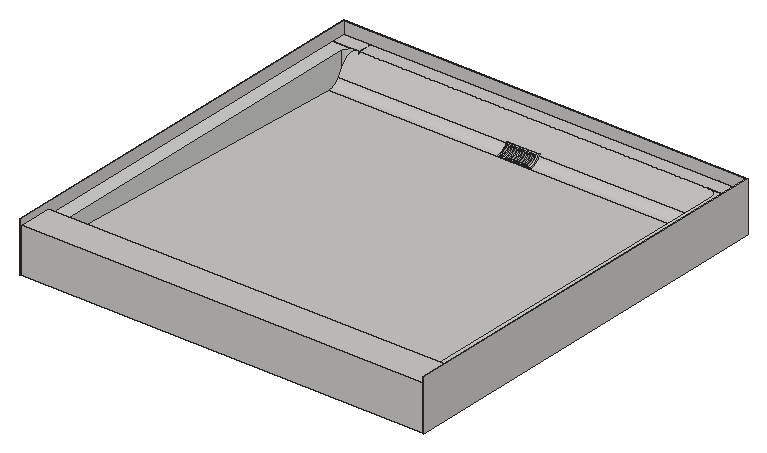
Revit family "Shower_Base-Acorn-Terrazzo_Ware-SBBOD-36-FF", category Plumbing Fixtures, host Face, Revit 2019
Family settings
  Host = Face
  Round Connector Dimension = Use Diameter
  Part Type = Normal
  OmniClass Number = 23.45.05.14.17
  OmniClass Title = Showers
  Cut with Voids When Loaded = No
  Shared = Yes
  Room Calculation Point = No
Parameters (values of type "SBBOD-36-FF")
  Working Pressure = "3,000 PSI min."  # constant formula
  Width = 36"
  Waste Connection Height = 1/2"
  Waste Connection Diameter = 2"
  Waste Connection = yes
  WFU = 4  # constant formula
  Vent Connection = no
  VRS - Vandal Resistant Strainer = no
  URL = "https://www.acorneng.com/home"
  Type Comments = ""
  Tiling Flange Material = Metal-Acorn-Stainless Steel
  Product Page URL = "https://www.acorneng.com/product.aspx?ProductId=1211"
  Product Documentation Link = "https://www.acorneng.com/uploads/fileLibrary/sbbod.pdf"
  OC - Optional Colors (contact factory) = no
  Model = "SBBOD-36-FF"
  Manufacturer = "Acorn Engineering"  # constant formula
  Length = 36"
  Installation Type = "Floor Mounted"  # constant formula
  Height = 4 1/2"
  HWFU = 3  # constant formula
  HW Connection = no
  Description = "36in. x 36in. Terrazzo Shower Base, Back Drain, 4-Flange"  # constant formula
  Default Elevation = 0"
  Creation Date = "11/18/2022"  # constant formula
  CWFU = 3  # constant formula
  CW Connection = no
  Body Material = Portland_Cement-Acorn-Terrazzo
  Assembly Code = "D2010710"
  ADA Compliant = yes
Reference planes (in)
  plane 1 "Center (Front/Back)": y = 0
  plane 2: z = 0
  plane 3 "Center (Left/Right)": x = 0
  plane 4: y = 18
  plane 5: y = -18
  plane 6: x = -18
  plane 7: x = 18
  plane 8: z = 4.5
  plane 9: z = 4
  plane 10: z = 3.5
  plane 11: z = 1.5
  plane 12: y = 16.625
  plane 13: y = -15.00499
  plane 14: x = -16.5
  plane 15: x = 16.5
Forms (in)
  Extrusion 1, solid, material "Metal-Acorn-Stainless Steel" <- "Tiling Flange Material"
    sketch origin (0, 0, 0) x (1, 0, 0) y (0, 1, 0)
      loop
        line (-17.89844, -18) -> (-17.89844, 17.89844) -> (17.89844, 17.89844) -> (17.89844, -18) -> (18, -18) -> (18, 18) -> (-18, 18) -> (-18, -18) -> (-17.89844, -18)
    from 0 to 4.5
  Extrusion 2, solid, material "Metal-Acorn-Stainless Steel" <- "Tiling Flange Material"
    sketch origin (0, 0, 0) x (0, 1, 0) y (0, 0, 1)
      loop
        line (-18, 0) -> (18, 0) -> (18, 3.5) -> (16.625, 3.5) -> (15.49642, 1.62021)
        arc (15.49642, 1.62021) -> (15.03735, 1.18192) -> (14.41888, 1.03936) r 1.19907
        line (14.41888, 1.03936) -> (-13.95762, 2.20692)
        arc (-13.95762, 2.20692) -> (-14.69726, 2.54049) -> (-15, 3.29327) r 1.08727
        line (-15, 3.29327) -> (-15, 4) -> (-18, 4) -> (-18, 0)
    from -17.89844 to 17.89844
  Extrusion 3, solid, material "Metal-Acorn-Stainless Steel" <- "Tiling Flange Material"
    sketch origin (0, 0.04249, -0.06202) x (0, 1, 0) y (0, 0, 1)
      loop
        line (15.58091, 1.76095) -> (15.46763, 1.81378)
        arc (15.46763, 1.81378) -> (15.03277, 1.32813) -> (14.40158, 1.16518) r 1.125
        line (14.40158, 1.16518) -> (14.40158, 1.04009)
        arc (14.40158, 1.04009) -> (15.09995, 1.22268) -> (15.58091, 1.76095) r 1.25
    from -1.43294 to 1.40937
  Extrusion 4, void
    sketch origin (0, 0, 0) x (1, 0, 0) y (0, 1, 0)
      loop
        arc (-1.28759, 14.57855) -> (-1.2175, 14.50846) -> (-1.1474, 14.57855) r 0.07009
        line (-1.1474, 14.57855) -> (-1.1474, 15.35913)
        arc (-1.1474, 15.35913) -> (-1.2175, 15.42922) -> (-1.28759, 15.35913) r 0.07009
        line (-1.28759, 15.35913) -> (-1.28759, 14.57855)
      loop
        arc (-1.04892, 14.57855) -> (-0.97883, 14.50846) -> (-0.90874, 14.57855) r 0.07009
        line (-0.90874, 14.57855) -> (-0.90874, 15.35913)
        arc (-0.90874, 15.35913) -> (-0.97883, 15.42922) -> (-1.04892, 15.35913) r 0.07009
        line (-1.04892, 15.35913) -> (-1.04892, 14.57855)
      loop
        arc (-0.81026, 14.57855) -> (-0.74017, 14.50846) -> (-0.67008, 14.57855) r 0.07009
        line (-0.67008, 14.57855) -> (-0.67008, 15.35913)
        arc (-0.67008, 15.35913) -> (-0.74017, 15.42922) -> (-0.81026, 15.35913) r 0.07009
        line (-0.81026, 15.35913) -> (-0.81026, 14.57855)
      loop
        arc (-0.5716, 14.57855) -> (-0.50151, 14.50846) -> (-0.43142, 14.57855) r 0.07009
        line (-0.43142, 14.57855) -> (-0.43142, 15.35913)
        arc (-0.43142, 15.35913) -> (-0.50151, 15.42922) -> (-0.5716, 15.35913) r 0.07009
        line (-0.5716, 15.35913) -> (-0.5716, 14.57855)
      loop
        arc (-0.33294, 14.57855) -> (-0.26284, 14.50846) -> (-0.19275, 14.57855) r 0.07009
        line (-0.19275, 14.57855) -> (-0.19275, 15.35913)
        arc (-0.19275, 15.35913) -> (-0.26284, 15.42922) -> (-0.33294, 15.35913) r 0.07009
        line (-0.33294, 15.35913) -> (-0.33294, 14.57855)
      loop
        arc (-0.09427, 14.57855) -> (-0.02418, 14.50846) -> (0.04591, 14.57855) r 0.07009
        line (0.04591, 14.57855) -> (0.04591, 15.35913)
        arc (0.04591, 15.35913) -> (-0.02418, 15.42922) -> (-0.09427, 15.35913) r 0.07009
        line (-0.09427, 15.35913) -> (-0.09427, 14.57855)
      loop
        arc (0.14439, 14.57855) -> (0.21448, 14.50846) -> (0.28457, 14.57855) r 0.07009
        line (0.28457, 14.57855) -> (0.28457, 15.35913)
        arc (0.28457, 15.35913) -> (0.21448, 15.42922) -> (0.14439, 15.35913) r 0.07009
        line (0.14439, 15.35913) -> (0.14439, 14.57855)
      loop
        arc (0.38305, 14.57855) -> (0.45314, 14.50846) -> (0.52323, 14.57855) r 0.07009
        line (0.52323, 14.57855) -> (0.52323, 15.35913)
        arc (0.52323, 15.35913) -> (0.45314, 15.42922) -> (0.38305, 15.35913) r 0.07009
        line (0.38305, 15.35913) -> (0.38305, 14.57855)
      loop
        arc (0.62171, 14.57855) -> (0.69181, 14.50846) -> (0.7619, 14.57855) r 0.07009
        line (0.7619, 14.57855) -> (0.7619, 15.35913)
        arc (0.7619, 15.35913) -> (0.69181, 15.42922) -> (0.62171, 15.35913) r 0.07009
        line (0.62171, 15.35913) -> (0.62171, 14.57855)
      loop
        arc (0.86038, 14.57855) -> (0.93047, 14.50846) -> (1.00056, 14.57855) r 0.07009
        line (1.00056, 14.57855) -> (1.00056, 15.35913)
        arc (1.00056, 15.35913) -> (0.93047, 15.42922) -> (0.86038, 15.35913) r 0.07009
        line (0.86038, 15.35913) -> (0.86038, 14.57855)
      loop
        arc (1.09904, 14.57855) -> (1.16913, 14.50846) -> (1.23922, 14.57855) r 0.07009
        line (1.23922, 14.57855) -> (1.23922, 15.35913)
        arc (1.23922, 15.35913) -> (1.16913, 15.42922) -> (1.09904, 15.35913) r 0.07009
        line (1.09904, 15.35913) -> (1.09904, 14.57855)
    from 0.32031 to 1.79005
  Extrusion 5, void
    sketch origin (0, 0, 0) x (1, 0, 0) y (0, 1, 0)
      loop
        line (-1.43294, 15.51011) -> (-1.43294, 14.44406) -> (1.40937, 14.44406) -> (1.40937, 15.51011) -> (-1.43294, 15.51011)
    from 0.86252 to 1.79005
  Extrusion 6, solid, material "Portland_Cement-Acorn-Terrazzo" <- "Body Material"
    sketch origin (0, 0, 0) x (1, 0, 0) y (0, 1, 0)
      loop
        arc (15.75, 16.625) -> (16.28033, 16.40533) -> (16.5, 15.875) r 0.75
        line (16.5, 15.875) -> (16.5, -14.25499)
        arc (16.5, -14.25499) -> (16.28033, -14.78532) -> (15.75, -15.00499) r 0.75
        line (15.75, -15.00499) -> (15.5, -15.00499) -> (15.5, -16.40342) -> (17.89844, -16.40342) -> (17.89844, 17.89844) -> (15.5, 17.89844) -> (15.5, 16.625) -> (15.75, 16.625)
      loop
        line (-15.75, 16.625) -> (-15.5, 16.625) -> (-15.5, 17.89844) -> (-17.89844, 17.89844) -> (-17.89844, -16.40342) -> (-15.5, -16.40342) -> (-15.5, -15.00499) -> (-15.75, -15.00499)
        arc (-15.75, -15.00499) -> (-16.28033, -14.78532) -> (-16.5, -14.25499) r 0.75
        line (-16.5, -14.25499) -> (-16.5, 15.875)
        arc (-16.5, 15.875) -> (-16.28033, 16.40533) -> (-15.75, 16.625) r 0.75
    from 0.32031 to 3.5
  Revolve 7, solid, material "Metal-Acorn-Stainless Steel" <- "Tiling Flange Material"
    sketch origin (0, 0, 0) x (0, 1, 0) y (0, 0, 1)
      loop
        line (18, 1.5) -> (18, 2.5) -> (16.88402, 2.5) -> (16.88402, 1.5) -> (18, 1.5)
      axis (18, 1.5) -> (16.88402, 1.5)
    angle from 0 to 360
Cuts and joins
  Extrusion 4 cuts Extrusion 3
  Extrusion 5 cuts Extrusion 2
  joined: Extrusion 1, Revolve 7
Dimensions and locks (in)
  equal spacing: plane 6, plane 3 "Center (Left/Right)", plane 7
  "Length": plane 6 to plane 7
  equal spacing: plane 4, plane 1 "Center (Front/Back)", plane 5
  "Width": plane 4 to plane 5
  plane 10 to host face = 3 1/2"
  plane 8 to plane 10 = 1"
  plane 8 to host face = 4 1/2"
  plane 11 to host face = 1 1/2"  (x2)
  plane 5 to plane 13 = 2.99501"
  plane 12 to plane 4 = 1 3/8"
  plane 6 to plane 14 = 1 1/2"
  plane 15 to plane 7 = 1 1/2"
  "Height": host face to plane 8
  aligned and locked: plane 2 to host face
  aligned and locked: level to host face
  aligned and locked: Extrusion 2 to Extrusion 1  (x2)
  aligned and locked: Extrusion 6 sketch curve to Extrusion 1
Automatic sketch dimensions
  host sketch curve to host sketch curve = 96"  (x2)
  Extrusion 1 sketch curve to plane 4 = 0"
  Extrusion 1 sketch curve to plane 6 = 0"
  plane 5 to Extrusion 1 sketch curve = 0"  (x2)
  Extrusion 1 sketch curve to plane 7 = 0"
  Extrusion 1 sketch curve to Extrusion 1 sketch curve = 13/128"
  Extrusion 1 sketch curve to plane 7 = 13/128"
  Extrusion 1 sketch curve to plane 4 = 13/128"
  Extrusion 2 sketch curve to level = 0"
  Extrusion 2 sketch curve to plane 5 = 0"
  Extrusion 2 sketch curve to plane 4 = 0"
  Extrusion 2 sketch curve to plane 5 = 3"
  level to Extrusion 2 sketch curve = 2.20692"
  Extrusion 2 sketch curve to Extrusion 2 sketch curve = 1.04238"
  Extrusion 2 sketch curve to Extrusion 2 sketch curve = 1.08727"
  level to Extrusion 2 sketch curve = 1.03936"
  Extrusion 2 sketch curve to plane 4 = 3.58112"
  Extrusion 2 sketch curve to Extrusion 2 sketch curve = 0.04951"
  level to Extrusion 2 sketch curve = 1.62021"
  Extrusion 2 sketch curve to Extrusion 2 sketch curve = 1.02803"
  Extrusion 2 sketch curve to plane 4 = 1 3/8"
  Extrusion 2 sketch curve to Extrusion 2 sketch curve = 1.87979"
  Extrusion 2 sketch curve to Extrusion 2 sketch curve = 0.70673"
  Extrusion 3 sketch curve to Extrusion 3 sketch curve = 0"  (x2)
  level to Extrusion 3 sketch curve = 0.97807"
  Extrusion 3 sketch curve to plane 4 = 3.55594"
  Extrusion 3 sketch curve to Extrusion 3 sketch curve = 0.04645"
  Extrusion 3 sketch curve to Extrusion 3 sketch curve = 1.0196"
  level to Extrusion 3 sketch curve = 1.69893"
  Extrusion 3 sketch curve to Extrusion 3 sketch curve = 29/256"
  Extrusion 3 sketch curve to Extrusion 3 sketch curve = 0.1251"
  Extrusion 4 sketch curve to plane 3 "Center (Left/Right)" = 1.28759"
  Extrusion 4 sketch curve to Extrusion 4 sketch curve = 0.07009"  (x10)
  Extrusion 4 sketch curve to Extrusion 4 sketch curve = 0.09848"  (x9)
  Extrusion 4 sketch curve to plane 3 "Center (Left/Right)" = 0.09427"
  Extrusion 4 sketch curve to plane 3 "Center (Left/Right)" = 0.02418"
  Extrusion 4 sketch curve to plane 4 = 3.42145"
  Extrusion 4 sketch curve to Extrusion 4 sketch curve = 0"  (x20)
  Extrusion 4 sketch curve to Extrusion 4 sketch curve = 0.78058"
  Extrusion 5 sketch curve to plane 3 "Center (Left/Right)" = 1.43294"
  plane 3 "Center (Left/Right)" to Extrusion 5 sketch curve = 1.40937"
  Extrusion 5 sketch curve to plane 4 = 3.55594"
  Extrusion 5 sketch curve to Extrusion 5 sketch curve = 1.06605"
  Extrusion 6 sketch curve to plane 7 = 1 1/2"
  Extrusion 6 sketch curve to Extrusion 6 sketch curve = 3/4"  (x3)
  Extrusion 6 sketch curve to Extrusion 6 sketch curve = 1/4"  (x4)
  Extrusion 6 sketch curve to plane 4 = 1 3/8"
  Extrusion 6 sketch curve to plane 6 = 2 1/2"  (x2)
  Extrusion 6 sketch curve to plane 6 = 13/128"
  Extrusion 6 sketch curve to plane 5 = 3.74501"  (x2)
  Extrusion 6 sketch curve to Extrusion 6 sketch curve = 1 51/128"
  Extrusion 6 sketch curve to plane 5 = 1.59658"
  Extrusion 6 sketch curve to plane 4 = 2 1/8"
  Extrusion 6 sketch curve to plane 4 = 13/128"  (x2)
  Revolve 7 sketch curve to plane 4 = 0"
  Revolve 7 sketch curve to plane 4 = 1.11598"
  level to Revolve 7 sketch curve = 1 1/2"
  Revolve 7 sketch curve to Revolve 7 sketch curve = 1"
  Revolve 7 sketch curve to plane 4 = 45/128"
  Revolve 7 sketch curve to Revolve 7 sketch curve = 0.50319"
  Revolve 7 sketch curve to Revolve 7 sketch curve = 0"
Connectors (in)
  piping at (0, 18, 1.5), diameter 2, driven by "WFU", driven by "Waste Connection Diameter"
    settings: on Revolve 7, index 1, connector inside diameter 24", connector length 0", flow factor 0, pipe flow 0 GPM, pressure drop 0.00 psi, fitting loss kfactor 0, connector angle 0.00°, fixture units 4, engagement length 0", angle of deflection 0.00°, flow configuration 3, flow direction 2, fitting loss method 0, system type 16, joint type 0, gender type 0, connector reference index -1, connector utility 0, adjustable connector no, is connector primary yes, connector description "2\" Waste Outlet Connection"
